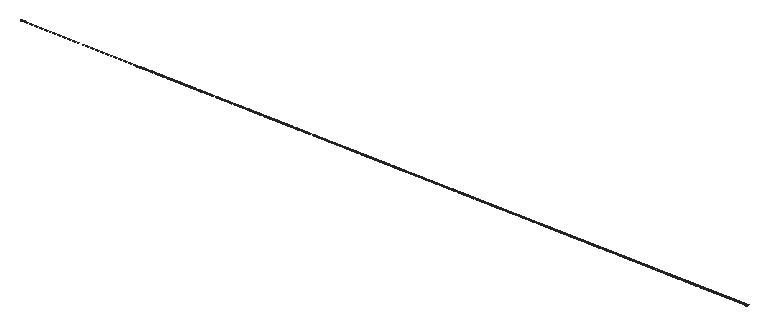
Revit family "0068168", category Lighting Fixtures, host Face, Revit 2017 (continued)
Automatic sketch dimensions
  Extrusion 99 sketch curve to Extrusion 99 sketch curve = 0 mm  (x3)
  Extrusion 99 sketch curve to Extrusion 99 sketch curve = 3 mm  (x4)
  Extrusion 100 sketch curve to Extrusion 100 sketch curve = 2 mm  (x4)
  Extrusion 100 sketch curve to Extrusion 100 sketch curve = 14.6 mm  (x2)
  Extrusion 100 sketch curve to Extrusion 100 sketch curve = 31.2 mm
  Extrusion 100 sketch curve to Extrusion 100 sketch curve = 0 mm  (x3)
  Extrusion 100 sketch curve to Extrusion 100 sketch curve = 3 mm  (x4)
  Extrusion 101 sketch curve to Extrusion 101 sketch curve = 2 mm  (x4)
  Extrusion 101 sketch curve to Extrusion 101 sketch curve = 14.6 mm  (x2)
  Extrusion 101 sketch curve to Extrusion 101 sketch curve = 31.2 mm
  Extrusion 101 sketch curve to Extrusion 101 sketch curve = 0 mm  (x3)
  Extrusion 101 sketch curve to Extrusion 101 sketch curve = 3 mm  (x4)
  Extrusion 102 sketch curve to Extrusion 102 sketch curve = 2 mm  (x4)
  Extrusion 102 sketch curve to Extrusion 102 sketch curve = 14.6 mm  (x2)
  Extrusion 102 sketch curve to Extrusion 102 sketch curve = 31.2 mm
  Extrusion 102 sketch curve to Extrusion 102 sketch curve = 0 mm  (x3)
  Extrusion 102 sketch curve to Extrusion 102 sketch curve = 3 mm  (x4)
  Extrusion 103 sketch curve to Extrusion 103 sketch curve = 2 mm  (x4)
  Extrusion 103 sketch curve to Extrusion 103 sketch curve = 14.6 mm  (x2)
  Extrusion 103 sketch curve to Extrusion 103 sketch curve = 31.2 mm
  Extrusion 103 sketch curve to Extrusion 103 sketch curve = 0 mm  (x3)
  Extrusion 103 sketch curve to Extrusion 103 sketch curve = 3 mm  (x4)
  Extrusion 104 sketch curve to Extrusion 104 sketch curve = 2 mm  (x4)
  Extrusion 104 sketch curve to Extrusion 104 sketch curve = 14.6 mm  (x2)
  Extrusion 104 sketch curve to Extrusion 104 sketch curve = 31.2 mm
  Extrusion 104 sketch curve to Extrusion 104 sketch curve = 0 mm  (x3)
  Extrusion 104 sketch curve to Extrusion 104 sketch curve = 3 mm  (x4)
  Extrusion 105 sketch curve to Extrusion 105 sketch curve = 2 mm  (x4)
  Extrusion 105 sketch curve to Extrusion 105 sketch curve = 14.6 mm  (x2)
  Extrusion 105 sketch curve to Extrusion 105 sketch curve = 31.2 mm
  Extrusion 105 sketch curve to Extrusion 105 sketch curve = 0 mm  (x3)
  Extrusion 105 sketch curve to Extrusion 105 sketch curve = 3 mm  (x4)
  radius of Sweep 3 sketch curve = 1.353 mm
  radius of Sweep 2 sketch curve = 1.399 mm
Connectors
  electrical at (-230, 0, 0), driven by "Apparent Load", driven by "PowerFactor", driven by "Voltage"
    settings: index 1, voltage 0 V, apparent load 24 VA, apparent load phase1 0 VA, apparent load phase2 0 VA, apparent load phase3 0 VA, power factor 0, load classification "Lighting", number of poles 1, system type 30, power factor state 1, is connector primary yes, connector utility no, sub classification motor no, connector description ""
Types (4, lengths in mm): name | TypeName | built-in parameter 1150134 | Photometric Web File | Name | ModelReference | ModelNumber | Model | LuminousEfficacy | built-in parameter 1150105 | Lumens | LampNominalLuminous | LampColourTemperature | built-in parameter 1150107 | built-in parameter 1150106 | built-in parameter 1150104 | DocumentationLiterature
  0068167 FLEX PRO IP20 2300LM 927 | "Flex Pro IP20 2300lm 927" | (empty or 0) | "0068167.ies" | "Flex Pro IP20 2300lm 927" | "Flex Pro IP20 2300lm 927" | "0068167" | "Flex Pro IP20 2300lm 927" | "96 lm/W" | 788.32 (stored number, unit not read) | 2304 lm | "2300 lm" | "2700 K" | 2700 (stored number, unit not read) | 7.8832 (stored number, unit not read) | 8.9187 (stored number, unit not read) | "http://www.sylvania-lighting.com/product/en-int/products/0068167"
  0068169 FLEX PRO IP20 2500LM 940 | "Flex Pro IP20 2500lm 940" | 12 | "0068169.ies" | "Flex Pro IP20 2500lm 940" | "Flex Pro IP20 2500lm 940" | "0068169" | "Flex Pro IP20 2500lm 940" | "104 lm/W" | 198.63 (stored number, unit not read) | 2496 lm | "2500 lm" | "4000 K" | 4000 (stored number, unit not read) | 1.9863 (stored number, unit not read) | 9.6619 (stored number, unit not read) | "http://www.sylvania-lighting.com/product/en-int/products/0068169"
  0068168 FLEX PRO IP20 2450LM 930 | "Flex Pro IP20 2450lm 930" | (empty or 0) | "0068168.ies" | "Flex Pro IP20 2450lm 930" | "Flex Pro IP20 2450lm 930" | "0068168" | "Flex Pro IP20 2450lm 930" | "102 lm/W" | 194.81 (stored number, unit not read) | 2448 lm | "2450 lm" | "3000 K" | 3000 (stored number, unit not read) | 1.9481 (stored number, unit not read) | 9.4761 (stored number, unit not read) | "http://www.sylvania-lighting.com/product/en-int/products/0068168"
  0068170 FLEX PRO IP20 2400LM 965 | "Flex Pro IP20 2400lm 965" | 1 | "0068170.ies" | "Flex Pro IP20 2400lm 965" | "Flex Pro IP20 2400lm 965" | "0068170" | "Flex Pro IP20 2400lm 965" | "100 lm/W" | 190.99 (stored number, unit not read) | 2400 lm | "2400 lm" | "6500 K" | 6500 (stored number, unit not read) | 1.9099 (stored number, unit not read) | 9.2903 (stored number, unit not read) | "http://www.sylvania-lighting.com/product/en-int/products/0068170"
